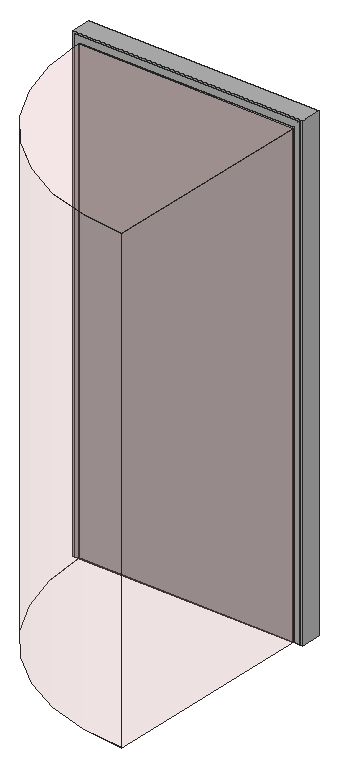
Revit family "ASSA ABLOY - Evacuation steel doors EI30, single-leaf, block frame", category Doors, host Wall, Revit 2021
Family settings
  Host = Wall
  OmniClass Number = 23.30.10.00
  OmniClass Title = Doors
  Always vertical = Yes
  Cut with Voids When Loaded = No
  Shared = No
  Room Calculation Point = No
Parameters (values of type "900 x 2100 (909 x 2106)")
  URL = "https://www.assaabloy.com/pl/pl"
  Type Comments = "Door leaf made of two pressed galvanised steel sheets 1,25mm thick. Filled with mineral wool glued to the sheets with polyurethane adhesive. Door with 3-sided thin rebate."
  Symbol Radius = Door Leaf Width + 9.500 mm  # 994.200 mm
  Rough Width Real = Width Round + Rough Width Conversion + Rough Width Adjustment  # 1061.500 mm
  Rough Width Conversion = 161.500 mm  # constant formula
  Rough Width Adjustment = 0.000 mm  # constant formula
  Rough Height Real = Height Round + Rough Height Conversion + Rough Height Adjustment  # 2174.000 mm
  Rough Height Conversion = 74.000 mm  # constant formula
  Rough Height Adjustment = 0.000 mm  # constant formula
  Resset Value [instance] = 10.000 mm
  Opening Zone [instance] = yes
  Model = "Doorset_Steel fireproof door EI30, evacuation (EN 13637)/ Access control_ASSA ABLOY Opening Solutions_Hardware 3D"
  Hinges Material = Default steel
  HW Item 9 = "1x TL4106SS: U-shape handle set on round rosette, class 4 (EN1906), stainless steel_ASSA ABLOY"
  HW Item 8 = "1x N2000: One System panic device (EN1125), type A (crossbar)_ASSA ABLOY"
  HW Item 14 = "1x 206253: Vercy door stopper, max 120 kg_ASSA ABLOY (option)"
  HW Item 13 = "1x Incedo: Access Control Set_ASSA ABLOY (option)"
  HW Item 12 = "2x HID SIGNO 20: card reader_HID"
  HW Item 11 = "1x 1386: emergency door control device, EN 13637 (time delay-option)"
  HW Item 10 = "1x TL0151BS: round rosette PZPZ, stainless steel_ASSA ABLOY"
  Frame Finish [instance] = ""
  Fire Rating NFR (0) = [Fire Rating - Set Value] = 1  # no
  Fire Rating EI30 (1) = [Fire Rating - Set Value] = 0  # yes
  Fire Rating - Set Value = 0
  Fire Rating = if([Fire Rating NFR (0)], "NFR", if([Fire Rating EI30 (1)], "EI30", "0"))  # "EI30"
  Width Round = roundup((Width / 5.000 mm)) * 5.000 mm  # 900.000 mm
  Thickness = 54.000 mm  # constant formula
  Smoke Rating = "Sa, S200 (optional)"
  Rough Width = Width Round + Rough Width Conversion + Rough Width Adjustment + 8.500 mm  # 1070.000 mm
  Rough Height = Height Round + Rough Height Conversion + Rough Height Adjustment + 6.000 mm  # 2180.000 mm
  Readme = "The actual lintel height is consistent with the Rough Height parameter.\r\nThe final HW Set should be consistent with the function of the door and its  parameters.\r\nHardware mounted on door surface may affect the clear passage opening. For verification, please contact the specification department."
  Provider = "ASSA ABLOY Opening Solutions"
  Product Group = "Single-Steel-Evacuation (EN 13637)-Access control"
  Name = "Steel fireproof door EI30, evacuation (EN 13637)/ Access control"
  Min Door Width = 280.000 mm
  Min Door Height = 700.000 mm
  Mechanical Strength = 4
  Max Door Width = 1230.000 mm
  Max Door Height = 2500.000 mm
  Manufacturer = "ASSA ABLOY"  # constant formula
  IfcExportType = "USERDEFINED"
  IfcExportAs = "IfcDoorType"
  Height Round = roundup((Height / 5.000 mm)) * 5.000 mm  # 2100.000 mm
  Hardware Set = "2.11PL"
  HW Item 7 = "1x SK6 Radius: euro profile cylinder_IKON"
  HW Item 6 = "1x 807-10: mortise latch bolt lock, EN 13637_EffEff"
  HW Item 5 = "1x 332: fail-unlocked escape electric strike, FaFix®, EN 13637_EffEff"
  HW Item 4 = "1x N11xx: One System mechanical, panic mortice lockcase_ASSA ABLOY"
  HW Item 3 = "1x A153: mechanical opening damper_ASSA ABLOY (option)"
  HW Item 2 = "1x G195: door closer guide rail_ASSA ABLOY"
  HW Item 1 = "1x DC700/ DC500: door closer, Cam-Motion®_ASSA ABLOY"
  Function = Interior
  Height = 2100.000 mm
  Wall Closure = By host
  Width = 900.000 mm
  Frame Type = "Welded steel block frame, made of galvanised sheet 1,5mm thick.Welded steel block frame, made of galvanised sheet 1,5mm thick."
  Frame Material = Default steel
  Family name = "2.11_DOORSET_Evacuation steel doors EI30_SINGLE-LEAF_BLOCK FRAME_ASSA ABLOY PL"
  Environmental Product Declaration (EPD) = "To be confirmed with Provider"  # constant formula
  Environmental Management System = "To be confirmed with Provider"  # constant formula
  Edition number = "1"
  Door Type = "Evacuation steel doors EI30"
  Door Material = Default steel
  Door Leaf Width = Width Round + Rough Width Adjustment + 84.700 mm  # 984.700 mm
  Door Finish Push Side [instance] = ""
  Door Finish Pull Side [instance] = ""
  Description = "Evacuation steel doors EI30, door leaf made of two pressed galvanised steel sheets 1,25mm thick. Filled with mineral wool glued to the sheets with polyurethane adhesive. Door with 3-sided thin rebate. Stainless steel hinges with 3D regulation. Mechanical durability – class C5 according to PN-EN 16034:2014. Mechanical strength – class 4 according to PN-EN 1192:2001. Welded steel block frame, made of galvanised sheet 1,5mm thick."
  Date of publishing = ""
  Contact Provider = "https://www.assaabloy.com/pl/pl/solutions/topics/bim-specification/contact"
  Brand = "ASSA ABLOY Mercor Doors Sp. z o. o."  # constant formula
  Author = "www.archispace.pl"
Types (4, lengths in mm): name | Symbol Radius | Rough Width Real | Resset Value | Width Round | Rough Width | Width | Door Leaf Width
  900 x 2100 (909 x 2106) | 994.200 | 1061.500 | 10.000 | 900.000 | 1070.000 | 900.000 | 984.700
  1000 x 2100 (1009 x 2106) | 1094.200 | 1161.500 | 0.000 | 1000.000 | 1170.000 | 1000.000 | 1084.700
  1100 x 2100 (1109 x 2106) | 1194.200 | 1261.500 | 0.000 | 1100.000 | 1270.000 | 1100.000 | 1184.700
  1200 x 2100 (1209 x 2106) | 1294.200 | 1361.500 | 0.000 | 1200.000 | 1370.000 | 1200.000 | 1284.700
Reference planes
  plane 1: y = 0
  plane 2 "Center (Left/Right)": x = 0
  plane 3: z = 2180
  plane 4 "Exterior": y = 120
  plane 5 "Interior": y = -120
  plane 6: x = -530.75
  plane 7: x = 530.75
  plane 8: z = 2100
  plane 9: y = -41
  plane 10: y = -55
  plane 11: y = -12.5
  plane 12: y = -10
  plane 13: y = -129
  plane 14: x = -473.35
  plane 15: x = 473.35
  plane 16: z = 2156.6
  plane 17: z = 5
  plane 18: y = -118
  plane 19: x = 501.85
  plane 20: x = -535
  plane 21: x = 535
  plane 22: x = -456.75
  plane 23: z = 2174
  plane 24: y = -110
  plane 25: x = -471.75
  plane 26: y = -58.181
  plane 27: z = 2183
Forms (mm)
  Sweep 1, solid, material "Default steel" <- "Frame Material"
    path origin (0, -120, 0) x (1, 0, 0) y (0, 0, 1)
      loop
        line (-530.75, 0) -> (-530.75, 2174) -> (530.75, 2174) -> (530.75, 0)
    profile origin (-530.75, -120, 1087) x (-1, 0, 0) y (0, -1, 0)
      loop
        line (-10, -10) -> (-52, -10) -> (-52, -79) -> (-59, -79) -> (-59, -65) -> (-74, -65) -> (-74, -110) -> (-10, -110) -> (-10, -107.5) -> (0, -107.5) -> (0, -12.5) -> (-10, -12.5) -> (-10, -10)
  Sweep 2, solid, material "Default steel" <- "Door Material"
    path origin (-5000, -120, 0) x (1, 0, 0) y (0, 0, 1)
      loop
        line (4526.65, 5) -> (4526.65, 2116.6) -> (5473.35, 2116.6) -> (5473.35, 5)
    profile origin (0, -120, 2116.6) x (0, 0, 1) y (0, -1, 0)
      loop
        line (0, -9) -> (19, -9) -> (19, -6.6) -> (0, -6.6) -> (0, -9)
  Sweep 3, solid, material "Default steel" <- "Door Material"
    path origin (-5000, -120, 0) x (1, 0, 0) y (0, 0, 1)
      loop
        line (5000, 5) -> (5000, 2116.6)
    profile origin (0, -120, 1060.8) x (-1, 0, 0) y (0, -1, 0)
      loop
        line (473.35, -60.6) -> (473.35, -6.6) -> (-473.35, -6.6) -> (-473.35, -60.6) -> (473.35, -60.6)
  Sweep 4, solid, material "Opening zone", visible <- "Opening Zone"
    path origin (-4946, 0, 0) x (-1, 0, 0) y (0, 0, 1)
      loop
        line (-5000, 5) -> (-5000, 2135.6)
    profile origin (54, 0, 1070.3) x (1, 0, 0) y (0, 1, 0)
      loop
        line (447.85, -118) -> (-546.35, -118)
        arc (-546.35, -118) -> (-255.156, -821.006) -> (447.85, -1112.2) r 994.2
        line (447.85, -1112.2) -> (447.85, -118)
Cuts and joins
  joined: Sweep 2, Sweep 3
Lines and regions (mm)
  Masking region 1, detail levels fine
    outline origin (-1177.682, -300, 2052) x (-1, 0, 0) y (0, -1, 0)
      loop
        line (-720.932, -245) -> (-720.932, -290) -> (-656.932, -290) -> (-656.932, -287.5) -> (-646.932, -287.5) -> (-646.932, -192.5) -> (-656.932, -192.5) -> (-656.932, -190) -> (-698.932, -190) -> (-698.932, -259) -> (-705.932, -259) -> (-705.932, -245) -> (-720.932, -245)
      loop
        line (-1634.432, -245) -> (-1649.432, -245) -> (-1649.432, -259) -> (-1656.432, -259) -> (-1656.432, -190) -> (-1698.432, -190) -> (-1698.432, -192.5) -> (-1708.432, -192.5) -> (-1708.432, -287.5) -> (-1698.432, -287.5) -> (-1698.432, -290) -> (-1634.432, -290) -> (-1634.432, -245)
  Masking region 2, detail levels medium
    outline origin (-1132.682, -300, 2052) x (-1, 0, 0) y (0, -1, 0)
      loop
        line (-601.932, -290) -> (-601.932, -190) -> (-675.932, -190) -> (-675.932, -290) -> (-601.932, -290)
      loop
        line (-1663.432, -290) -> (-1589.432, -290) -> (-1589.432, -190) -> (-1663.432, -190) -> (-1663.432, -290)
  Masking region 3, detail levels fine
    outline origin (-1132.682, -300, 2052) x (-1, 0, 0) y (0, -1, 0)
      loop
        circle (-1634.532, -182) r 9.5
  Opening 1
    outline origin (-5000, -120, 0) x (1, 0, 0) y (0, 0, 1)
      loop
        line (4465, 2180) -> (4465, 0) -> (5535, 0) -> (5535, 2180) -> (4465, 2180)
  symbolic lines, style "Elevation Swing"
    curve 1: line (-456.75, -120, 1090) -> (456.75, -120, 2100)
    curve 2: line (-456.75, -120, 1090) -> (456.75, -120, 5)
Text (mm)
  text "Exterior" at (-1376.75, 1099.543, 0), in view "Ref. Level"
  text "Exterior" at (0, 1615.38, 3698.081), in view "Left"
  text "Exterior" at (0, 1036.032, 3874.932), in view "Right"
Dimensions and locks
  "Rough Height": plane 3 to host wall
  equal spacing: host wall, curve 2, plane 3
  host wall to plane 3 = 2180.000 mm
  locked: plane 4 "Exterior" to host wall
  locked: plane 5 "Interior" to host wall
  equal spacing: plane 6, plane 2 "Center (Left/Right)", plane 7
  "Rough Width Real": plane 6 to plane 7
  "Height": plane 8 to level
  locked: plane 13 to plane 5 "Interior" at 9
  locked: plane 9 to plane 10 at 14
  locked: plane 15 to plane 7 at 57.4
  locked: plane 17 to level at 5
  equal spacing: plane 21, plane 2 "Center (Left/Right)", plane 20
  "Rough Width": plane 21 to plane 20
  locked: plane 6 to plane 14 at 57.4
  locked: plane 6 to plane 22 at 74
  "Rough Height Real": plane 23 to level
  locked: plane 23 to plane 16 at 17.4
  plane 22 to nested 1 = 900.000 mm
  plane 23 to level = 2174.000 mm
  locked: Sweep 2 sketch curve to Sweep 2 sketch curve at 19
  "Resset Value": plane 5 "Interior" to plane 24
  locked: plane 12 to plane 24 at 100
  locked: plane 12 to plane 11 at 2.5
  locked: plane 25 to plane 22 at 15
  locked: plane 6 to Masking region 1 sketch curve at 10
  locked: plane 6 to Masking region 1 sketch curve at 52
  locked: profile plane to Sweep 1 sketch curve at 10
  locked: plane 12 to plane 9 at 31
  Sweep 1 to plane 7 = 52.000 mm
  locked: Masking region 1 sketch curve to plane 7 at 10
  locked: plane 19 to plane 7 at 28.9
  locked: plane 24 to plane 18 at 8
  locked: nested 1 to plane 19 at 4.6
  locked: plane 10 to Sweep 3 sketch curve at 4.4
  Sweep 3 sketch curve to Sweep 3 sketch curve = 54.000 mm
  locked: plane 24 to Sweep 2 sketch curve at 1
  locked: Sweep 2 sketch curve to Sweep 2 sketch curve at 2.4
  locked: Sweep 2 sketch curve to plane 8 at 16.6
  locked: plane 16 to Sweep 2 sketch curve at 21
  locked: plane 27 to plane 3 at 3
  locked: Masking region 1 sketch curve to Masking region 1 sketch curve at 2.5  (x2)
  locked: plane 24 to Sweep 3 sketch curve at 3.4
  locked: Masking region 1 sketch curve to Masking region 1 sketch curve at 52
  locked: plane 18 to nested 1 at 9.5
  locked: Sweep 3 sketch curve to plane 8 at 16.6
  locked: Sweep 1 sketch curve to Sweep 1 sketch curve at 2.5
  "Symbol Radius": radius of Sweep 4 sketch curve
  aligned and locked: plane 1 to host wall
  aligned and locked: level to Sweep 1 sketch curve  (x2)
  aligned and locked: Sweep 1 sketch curve to plane 6
  aligned and locked: plane 7 to Sweep 1 sketch curve
  aligned and locked: plane 2 "Center (Left/Right)" to Sweep 3 sketch curve
  aligned and locked: Masking region 2 sketch curve to plane 6
  aligned and locked: Masking region 2 sketch curve to plane 7
  aligned and locked: plane 10 to Masking region 1 sketch curve
  aligned and locked: plane 9 to Masking region 1 sketch curve
  aligned and locked: plane 11 to Masking region 1 sketch curve
  aligned and locked: plane 12 to Masking region 1 sketch curve
  aligned and locked: Masking region 1 sketch curve to plane 10
  aligned and locked: Masking region 1 sketch curve to plane 9
  aligned and locked: Masking region 1 sketch curve to plane 11
  aligned and locked: Masking region 1 sketch curve to plane 12
  aligned and locked: Sweep 1 sketch curve to plane 10
  aligned and locked: Sweep 1 sketch curve to plane 9
  aligned and locked: plane 11 to Sweep 1 sketch curve
  aligned and locked: plane 12 to Sweep 1 sketch curve
  aligned and locked: Masking region 2 sketch curve to plane 12
  aligned and locked: plane 12 to Masking region 2 sketch curve
  aligned and locked: plane 14 to Sweep 2 sketch curve
  aligned and locked: plane 15 to Sweep 2 sketch curve
  aligned and locked: plane 15 to Sweep 3 sketch curve
  aligned and locked: plane 14 to Sweep 3 sketch curve
  aligned and locked: plane 18 to Masking region 3 sketch curve
  aligned and locked: plane 19 to Masking region 3 sketch curve
  aligned and locked: level to Opening 1 sketch curve
  aligned and locked: plane 3 to Opening 1 sketch curve
  aligned and locked: plane 20 to Opening 1 sketch curve
  aligned and locked: Opening 1 sketch curve to plane 21
  aligned and locked: Sweep 1 sketch curve to plane 23
  aligned and locked: plane 17 to Sweep 2 sketch curve  (x2)
  aligned and locked: plane 17 to Sweep 4 sketch curve
  aligned and locked: plane 17 to curve 2
  aligned and locked: plane 8 to curve 1
  aligned and locked: plane 22 to curve 1
  aligned and locked: Masking region 1 sketch curve to plane 22
  aligned and locked: Sweep 1 sketch curve to plane 22
  aligned and locked: Sweep 4 sketch curve to plane 19
  aligned and locked: plane 18 to Sweep 4 sketch curve
  aligned and locked: cut or joined group of Sweep 2, Sweep 3 to Sweep 4 sketch curve
  aligned and locked: plane 25 to Masking region 1 sketch curve
  aligned and locked: plane 24 to Masking region 1 sketch curve
  aligned and locked: Sweep 1 sketch curve to plane 25
  aligned and locked: Sweep 1 sketch curve to plane 24
  aligned and locked: Masking region 1 sketch curve to plane 24
  aligned and locked: plane 24 to Masking region 2 sketch curve
  aligned and locked: Masking region 2 sketch curve to plane 24
  aligned and locked: Masking region 1 sketch curve to Sweep 1  (x2)
  aligned and locked: plane 22 to Masking region 2 sketch curve
  aligned and locked: plane 17 to Sweep 3 sketch curve
  aligned and locked: Sweep 1 sketch curve to Sweep 1 sketch curve
Automatic sketch dimensions
  plane 2 "Center (Left/Right)" to Sweep 4 sketch curve = 54.000 mm
  Masking region 1 sketch curve to plane 7 = 0.000 mm
  Masking region 1 sketch curve to plane 6 = 0.000 mm
  Sweep 1 sketch curve to Sweep 1 sketch curve = 7.000 mm
  Sweep 1 sketch curve to profile plane = 0.000 mm
  plane 15 to curve 2 = 16.600 mm
  plane 15 to curve 1 = 16.600 mm
  plane 15 to Masking region 1 sketch curve = 1.600 mm
  Masking region 1 sketch curve to Masking region 1 sketch curve = 15.000 mm
  plane 15 to Masking region 2 sketch curve = 16.600 mm
  radius of Masking region 3 sketch curve = 9.500 mm
Nested families
  nested 1: "Detail_Door symbol" at (-39.9, -110, 2052), type "Detail_Door symbol"
Definition of nested family "Detail_Door symbol"
  Parameters (values of type "Detail_Door symbol")
    Symbol Radius = Door Leaf Width + 9.500 mm  # 910.200 mm
    Rough Width = 961.500 mm
    Door Leaf Width = 900.700 mm
  Reference planes
    plane 1 "Center (Front/Back)": y = 0
    plane 2: z = 0
    plane 3 "Center (Left/Right)": x = 0
    plane 4: x = -480.75
    plane 5: x = 480.75
    plane 6: y = -8
    plane 7: x = 491.75
    plane 8: x = 484.75
    plane 9: x = 487.15
    plane 10: x = 433.15
    plane 11: y = -17.5
    plane 12: y = -36.5
    plane 13: y = -918.2
    plane 14: y = -899.2
  Lines and regions (mm)
    Filled region 1, type "Solid Fill - White", in view "Ref. Level", detail levels fine
      outline origin (-28.5, 43.059, 0) x (0, 1, 0) y (-1, 0, 0)
        loop
          line (-60.559, -515.65) -> (-60.559, -513.25) -> (-79.559, -513.25) -> (-79.559, -461.65) -> (-942.259, -461.65) -> (-942.259, -513.25) -> (-961.259, -513.25) -> (-961.259, -515.65) -> (-60.559, -515.65)
    Filled region 2, type "Solid Fill - White", in view "Ref. Level", detail levels medium
      outline origin (-28.5, 43.059, 0) x (0, 1, 0) y (-1, 0, 0)
        loop
          line (-60.559, -515.65) -> (-60.559, -461.65) -> (-961.259, -461.65) -> (-961.259, -515.65) -> (-60.559, -515.65)
    detail lines, in view "Ref. Level"
      curve 1: arc (491.75, -918.2, 0) -> (-151.859, -651.609, 0) -> (-418.45, -8, 0) r 910.2
    detail lines, in view "Ref. Level", detail levels coarse
      curve 2: line (491.75, -918.2, 0) -> (491.75, -8, 0)
  Dimensions and locks
    equal spacing: plane 4, plane 3 "Center (Left/Right)", plane 5
    "Rough Width": plane 4 to plane 5
    locked: plane 5 to plane 7 at 11
    locked: plane 6 to plane 1 "Center (Front/Back)" at 8
    locked: plane 5 to plane 8 at 4
    locked: plane 5 to plane 9 at 6.4
    locked: plane 10 to plane 9 at 54
    locked: plane 11 to plane 1 "Center (Front/Back)" at 17.5
    locked: plane 11 to plane 12 at 19
    "Door Leaf Width": plane 11 to plane 13
    locked: plane 14 to plane 13 at 19
    "Symbol Radius": radius of curve 1
    aligned and locked: plane 7 to curve 1
    aligned and locked: Filled region 1 sketch curve to plane 9
    aligned and locked: plane 11 to Filled region 1 sketch curve
    aligned and locked: plane 8 to Filled region 1 sketch curve  (x2)
    aligned and locked: plane 12 to Filled region 1 sketch curve
    aligned and locked: Filled region 1 sketch curve to plane 10
    aligned and locked: Filled region 1 sketch curve to plane 13
    aligned and locked: Filled region 1 sketch curve to plane 14
    aligned and locked: plane 11 to Filled region 2 sketch curve
    aligned and locked: Filled region 2 sketch curve to plane 9
    aligned and locked: Filled region 2 sketch curve to plane 10
    aligned and locked: Filled region 2 sketch curve to plane 13
    aligned and locked: plane 6 to curve 2
    aligned and locked: curve 2 to plane 7
    aligned and locked: plane 6 to curve 1
